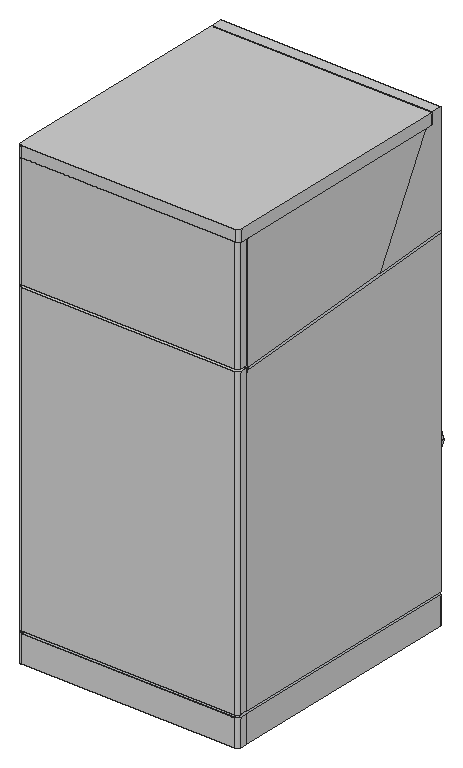
Revit family "Immergas-Ares pro 500", category Attrezzatura meccanica, Revit 2018
Family settings
  Quota connettore circolare = Usa diametro
  Tipo di parte = Normale
  Basato su piano di lavoro = No
  Sempre verticale = Sì
  Taglio con vuoti quando caricato = No
  Condiviso = No
  Punto di calcolo locali = No
Parameters (values of type "Immergas-Ares pro 500")
  yield hvac heating load nominal 30 (%) = 96.6
  yield hvac heating load nominal (%) = 98.21
  cerniere = Immergas - Plastica Nero
  Uniformat code = "D3020"
  Uniformat II Description = "Heat Generating Systems"
  Uniformat = "Heat Generating Systems"
  UDP_88_494_GAS_CONNECTION_DIAMETER = "1.5"
  UDP_334_495_PORTATA_TERMICA = "450"
  Thermal power 80/60°C = 441950 W
  Produttore = "Immergas"
  Product Code = "3.028314"
  Piping volume boiler = 0.34 m³
  Overall Width = 996 mm
  Overall Height = 2130 mm
  Overall Depth = 1273 mm
  Operating Temperature = 90 °C
  Omniclass Description = "HVAC Specific Products and Equipment"
  Nominal Voltage = 230 V
  Nominal Current = 6 A
  Name BIM&CO = "Caldaia"
  Modello = "Immergas-Ares pro 500"
  Masterformat 2014 Description = "Heating, Ventilating, and Air Conditioning (HVAC)"
  MasterFormat = "23 00 00- Heating, Ventilating, and Air Conditioning (HVAC)"
  Mass = 716.00 kg
  Manufacturer Product Link = "https://www.immergas.com/en/product?title=ARES%20PRO%20500"
  Hydraulic Fittings = 2032 mm
  Hot water flow = 0.0 L/s
  Frequency of use = 50 Hz
  Electric Power = 555 W
  ETIM Note = "Residential heating"
  Dimensions of Piping Connectors = 38.1 mm
  Diameter of fume exhaust = 300 mm
  Case = Immergas - Alluminio
Reference planes
  plane 1 "Centro (Fronte/Retro)": y = 0
  plane 2: z = -20.078
  plane 3 "Centro (Sinistra/Destra)": x = 0
Forms (mm)
  Extrusion 1, solid, material "Immergas - Alluminio" <- "Case"
    sketch origin (-14.211, 126.664, -20.078) x (-1, 0, 0) y (0, -1, 0)
      loop
        arc (-497.211, 514.91) -> (-507.817, 510.516) -> (-512.211, 499.91) r 15
        line (-512.211, 499.91) -> (-512.211, 470.647) -> (-507.211, 470.647) -> (-507.211, 466.702) -> (-512.211, 466.702) -> (-512.211, -630.19)
        arc (-512.211, -630.19) -> (-511.188, -632.658) -> (-508.72, -633.681) r 3.491
        line (-508.72, -633.681) -> (-497.211, -633.681) -> (-497.211, -168.631) -> (468.01, -168.631) -> (468.01, -633.681) -> (481.303, -633.681)
        arc (481.303, -633.681) -> (483.772, -632.658) -> (484.794, -630.19) r 3.491
        line (484.794, -630.19) -> (484.794, 466.702) -> (483.021, 466.702) -> (483.021, 470.647) -> (484.797, 470.647) -> (484.797, 499.91)
        arc (484.797, 499.91) -> (480.404, 510.516) -> (469.797, 514.91) r 15
        line (469.797, 514.91) -> (-497.211, 514.91)
    from 17.666 to 139.711
  Extrusion 2, solid
    sketch origin (-14.211, 126.664, -20.078) x (-1, 0, 0) y (0, -1, 0)
      loop
        arc (473.115, 499.91) -> (470.186, 506.981) -> (463.115, 509.91) r 10
        line (463.115, 509.91) -> (-497.681, 509.91)
        arc (-497.681, 509.91) -> (-504.753, 506.981) -> (-507.681, 499.91) r 10
        line (-507.681, 499.91) -> (-507.681, -633.681) -> (-497.681, -633.681) -> (-497.681, 66.664) -> (468.115, 66.664) -> (468.115, -633.681) -> (473.115, -633.681) -> (473.115, 499.91)
    from 122 to 152.633
  Extrusion 3, solid, material "Immergas - Alluminio" <- "Case"
    sketch origin (-14.211, 126.664, -20.078) x (-1, 0, 0) y (0, -1, 0)
      loop
        arc (-497.211, 514.91) -> (-507.817, 510.516) -> (-512.211, 499.91) r 15
        line (-512.211, 499.91) -> (-512.211, 470.647) -> (-507.211, 470.647) -> (-507.211, 466.702) -> (-512.211, 466.702) -> (-512.211, 461.702) -> (484.797, 461.702) -> (484.797, 466.702) -> (483.021, 466.702) -> (483.021, 470.647) -> (484.797, 470.647) -> (484.797, 499.91)
        arc (484.797, 499.91) -> (480.404, 510.516) -> (469.797, 514.91) r 15
        line (469.797, 514.91) -> (-497.211, 514.91)
    from 152.633 to 1544.248
  Extrusion 4, solid, material "Immergas - Alluminio" <- "Case"
    sketch origin (-14.211, 126.664, -20.078) x (-1, 0, 0) y (0, -1, 0)
      loop
        arc (-497.211, 514.91) -> (-507.817, 510.516) -> (-512.211, 499.91) r 15
        line (-512.211, 499.91) -> (-512.211, 470.647) -> (-507.211, 470.647) -> (-507.211, 466.702) -> (-512.211, 466.702) -> (-512.211, 461.702) -> (484.797, 461.702) -> (484.797, 466.702) -> (483.021, 466.702) -> (483.021, 470.647) -> (484.797, 470.647) -> (484.797, 499.91)
        arc (484.797, 499.91) -> (480.404, 510.516) -> (469.797, 514.91) r 15
        line (469.797, 514.91) -> (-497.211, 514.91)
    from 1556.436 to 2071.42
  Extrusion 5, solid, material "Immergas - Alluminio" <- "Case"
    sketch origin (-14.211, 126.664, -20.078) x (-1, 0, 0) y (0, -1, 0)
      loop
        arc (-498.433, 514.91) -> (-509.039, 510.516) -> (-513.433, 499.91) r 15
        line (-513.433, 499.91) -> (-513.433, -578.345)
        arc (-513.433, -578.345) -> (-512.41, -580.814) -> (-509.942, -581.837) r 3.491
        line (-509.942, -581.837) -> (481.306, -581.837)
        arc (481.306, -581.837) -> (483.775, -580.814) -> (484.797, -578.345) r 3.491
        line (484.797, -578.345) -> (484.797, 466.702) -> (484.797, 499.91)
        arc (484.797, 499.91) -> (480.404, 510.516) -> (469.797, 514.91) r 15
        line (469.797, 514.91) -> (-498.433, 514.91)
    from 2073.118 to 2122.118
  Extrusion 6, solid
    sketch origin (-14.211, 126.664, 0) x (-1, 0, 0) y (0, -1, 0)
      loop
        arc (313.789, 499.91) -> (310.86, 506.981) -> (303.789, 509.91) r 10
        line (303.789, 509.91) -> (-332.211, 509.91)
        arc (-332.211, 509.91) -> (-339.282, 506.981) -> (-342.211, 499.91) r 10
        line (-342.211, 499.91) -> (-342.211, -254.597) -> (313.789, -254.597) -> (313.789, 499.91)
    from 2051.342 to 2053.04
  Extrusion 7, solid, material "Immergas - Alluminio" <- "Case"
    sketch origin (0, 0, 0) x (0, 1, 0) y (0, 0, 1)
      loop
        line (-340.038, 1512.207) -> (-340.038, 132.555) -> (760.345, 132.555) -> (760.345, 1589.153) -> (-340.038, 1512.207)
    from -499.008 to 498
  Extrusion 8, solid
    sketch origin (0, 0, 0) x (0, 1, 0) y (0, 0, 1)
      loop
        line (760.345, 1589.153) -> (760.345, 1600.778) -> (-335.038, 1524.181) -> (-335.038, 1512.557) -> (760.345, 1589.153)
    from -479.109 to 498
  Extrusion 9, solid, material "Immergas - Alluminio" <- "Case"
    sketch origin (0, 0, 0) x (0, 1, 0) y (0, 0, 1)
      loop
        line (708.96, 2102.04) -> (417.829, 1576.827) -> (760.345, 1600.778) -> (760.345, 2102.04) -> (708.96, 2102.04)
    from -499.008 to 498
  Extrusion 10, solid, material "Immergas - Alluminio" <- "Case"
    sketch origin (0, 0, 0) x (0, 1, 0) y (0, 0, 1)
      loop
        line (-335.038, 2051.342) -> (-335.038, 1524.181) -> (417.829, 1576.827) -> (680.858, 2051.342) -> (-335.038, 2051.342)
    from -499.008 to 498
  Extrusion 11, void
    sketch origin (0, 760.345, 134.922) x (0, 0, -1) y (1, 0, 0)
      loop
        line (-379.33, 321) -> (-379.33, -317.276) -> (12.922, -317.276) -> (12.922, 321) -> (-379.33, 321)
    from 0 to 334.754
  Sweep 12, solid
    path origin (-83.929, 0, 213.896) x (1, 0, 0) y (0, 0, 1)
      loop
        circle (-265.104, 1733.679) r 50
    profile origin (-349.033, 0, 1897.575) x (0, 0, 1) y (0, -1, 0)
      loop
        circle (0, -768.031) r 1.307
      loop
        circle (5.49, -768.089) r 1.186
      loop
        circle (11.104, -768.089) r 1.186
      loop
        circle (16.717, -768.089) r 1.186
      loop
        circle (22.33, -768.089) r 1.186
      loop
        circle (27.943, -768.089) r 1.186
      loop
        circle (33.557, -768.089) r 1.186
      loop
        circle (-26.758, -768.031) r 1.307
      loop
        circle (-21.267, -768.089) r 1.186
      loop
        circle (-15.654, -768.089) r 1.186
      loop
        circle (-10.041, -768.089) r 1.186
      loop
        circle (-4.427, -768.089) r 1.186
      loop
        circle (-32.368, -768.031) r 1.307
      loop
        circle (-59.126, -768.031) r 1.307
      loop
        circle (-53.635, -768.089) r 1.186
      loop
        circle (-48.022, -768.089) r 1.186
      loop
        circle (-42.409, -768.089) r 1.186
      loop
        circle (-36.796, -768.089) r 1.186
  Extrusion 13, solid
    sketch origin (-76.832, 0, 209.846) x (1, 0, 0) y (0, 0, 1)
      loop
        line (-173.578, 1802.784) -> (-271.402, 1742.954) -> (-360.903, 1813.585) -> (-280.319, 1735.371) -> (-367.602, 1650.639) -> (-271.402, 1728.443) -> (-183.054, 1656.918) -> (-262.486, 1735.371) -> (-173.578, 1802.784)
    from -767.945 to -773.18
  Extrusion 14, solid
    sketch origin (-19.14, 0, 136.839) x (1, 0, 0) y (0, 0, 1)
      loop
        circle (-180.125, 1377.544) r 70
      loop
        circle (-180.125, 1377.544) r 15
      loop
        circle (-178.25, 1425.411) r 5
      loop
        circle (-125.568, 1379.6) r 5
      loop
        circle (-230.361, 1377.882) r 5
      loop
        circle (-179.396, 1329.78) r 5
    from -874.205 to -884.345
  Extrusion 15, solid
    sketch origin (518.671, 0, -713.934) x (1, 0, 0) y (0, 0, 1)
      loop
        circle (-179.571, 1376.687) r 70
      loop
        circle (-179.571, 1376.687) r 15
      loop
        circle (-177.697, 1424.553) r 5
      loop
        circle (-125.014, 1361.472) r 5
      loop
        circle (-229.807, 1377.024) r 5
      loop
        circle (-178.842, 1328.922) r 5
    from -884.345 to -872.228
  Extrusion 16, solid
    sketch origin (0, 0, 72.252) x (1, 0, 0) y (0, 0, 1)
      loop
        line (241, 442) -> (-241, 442)
        arc (-241, 442) -> (-170.413, 271.587) -> (0, 201) r 241
        arc (0, 201) -> (170.413, 271.587) -> (241, 442) r 241
    from -295.295 to -60
  Extrusion 17, solid
    sketch origin (59.439, 153.823, 80.743) x (1, 0, 0) y (0, 0, 1)
      loop
        circle (277.616, 580.172) r 15
      loop
        circle (-258.62, 1433.889) r 15
    from -730.522 to -606.522
  Extrusion 18, solid
    sketch origin (0, 18.026, -17.655) x (1, 0, 0) y (0, -0.052336, 0.99863)
      loop
        circle (1.317, 333.864) r 150
      loop
        circle (1.317, 333.864) r 140
    from -875.918 to -263.972
  Extrusion 19, solid, material "Immergas - Plastica Nero" <- "cerniere"
    sketch origin (0, 0, 3.648) x (0, 1, 0) y (0, 0, 1)
      loop
        line (-351.031, 1401.166) -> (-351.031, 1326.081) -> (-326.031, 1326.081) -> (-326.031, 1401.166) -> (-351.031, 1401.166)
      loop
        line (-350.038, 212.633) -> (-350.038, 152.633) -> (-326.031, 152.633) -> (-326.031, 212.633) -> (-350.038, 212.633)
    from -507 to -499.008
  Extrusion 20, solid
    sketch origin (0, 0, -20.078) x (1, 0, 0) y (0, 1, 0)
      loop
        circle (-424.428, 705.318) r 30
      loop
        circle (432.842, 722.148) r 30
      loop
        circle (-434.661, -295.607) r 30
      loop
        circle (438.403, -298.376) r 30
    from 0 to 176.359
Cuts and joins
  Extrusion 11 cuts Extrusion 7
Dimensions and locks
  locked: Extrusion 2 to Extrusion 1 at 12.922
  locked: Extrusion 6 to Extrusion 4 at 1.697
  Extrusion 5 to Extrusion 1 = 2104.452 mm
  level to nested 1 = 1712 mm
  plane 3 "Centro (Sinistra/Destra)" to nested 1 = 100 mm
  Extrusion 1 to nested 2 = 1741 mm
  nested 2 to plane 3 "Centro (Sinistra/Destra)" = 200 mm
  Extrusion 9 to Extrusion 6 = 1143.591 mm
  cut or joined group of Extrusion 7, Extrusion 11 to Extrusion 15 = 124 mm
  plane 3 "Centro (Sinistra/Destra)" to nested 3 = 200 mm
  Extrusion 1 to nested 3 = 1516.752 mm
  nested 4 to plane 3 "Centro (Sinistra/Destra)" = 336.718 mm
  Extrusion 1 to nested 4 = 663.745 mm
  radius of Extrusion 20 sketch curve = 30 mm
  aligned and locked: level to plane 2
  aligned and locked: Extrusion 3 to Extrusion 2
  aligned and locked: Extrusion 6 to Extrusion 4
  aligned and locked: Extrusion 5 to Extrusion 6
Nested families
  nested 1: "M_Connettore tubazione - Altro - Apparecchi idraulici" at (100, 760.345, 1691.922) x (0, 0, 1) z (0, 1, 0), type "Standard"
    with Spessore 25.4 mm, Raggio nominale 15 mm, Flusso 0.63 L/s, Diametro nominale 30 mm
  nested 2: "M_Connettore tubazione - Altro - Apparecchi idraulici" at (-200, 760.345, 1738.588) x (0, 0, 1) z (0, 1, 0), type "Standard"
    with Spessore 25.4 mm, Raggio nominale 15 mm, Flusso 0.63 L/s, Diametro nominale 30 mm
  nested 3: "M_Connettore tubazione - Altro - Apparecchi idraulici" at (-200, 884.345, 1514.34) x (1, 0, 0) z (0, 1, 0), type "Standard"
    with Spessore 25.4 mm, Raggio nominale 15 mm, Flusso 0.63 L/s, Diametro nominale 30 mm
  nested 4: "M_Connettore tubazione - Altro - Apparecchi idraulici" at (336.718, 884.345, 661.333) x (1, 0, 0) z (0, 1, 0), type "Standard"
    with Spessore 25.4 mm, Raggio nominale 15 mm, Flusso 0.63 L/s, Diametro nominale 30 mm
Connectors
  piping at (-200, 785.745, 1738.588), diameter 12
    settings: on nested 2, index 1, connector inside diameter 609.6 mm, connector length 0 mm, flow factor 0, pipe flow 0.0 L/s, pressure drop 0.0 Pa, fitting loss kfactor 0, connector angle 0.00°, fixture units 0, engagement length 0 mm, angle of deflection 0.00°, flow configuration 0, flow direction 0, fitting loss method 0, system type 22, joint type 0, gender type 0, connector reference index -1, connector utility 0, adjustable connector no, is connector primary yes, connector description "entrata gas"
  piping at (100, 785.745, 1691.922), diameter 12
    settings: on nested 1, index 2, connector inside diameter 609.6 mm, connector length 0 mm, flow factor 0, pipe flow 0.0 L/s, pressure drop 0.0 Pa, fitting loss kfactor 0, connector angle 0.00°, fixture units 0, engagement length 0 mm, angle of deflection 0.00°, flow configuration 0, flow direction 0, fitting loss method 0, system type 22, joint type 0, gender type 0, connector reference index -1, connector utility 0, adjustable connector no, is connector primary no, connector description "attacco vaso di espansione"
  piping at (-200, 909.745, 1514.34), diameter 12
    settings: on nested 3, index 4, connector inside diameter 609.6 mm, connector length 0 mm, flow factor 0, pipe flow 0.0 L/s, pressure drop 0.0 Pa, fitting loss kfactor 0, connector angle 0.00°, fixture units 0, engagement length 0 mm, angle of deflection 0.00°, flow configuration 0, flow direction 0, fitting loss method 0, system type 7, joint type 0, gender type 0, connector reference index -1, connector utility 0, adjustable connector no, is connector primary no, connector description ""
  piping at (336.718, 909.745, 661.333), diameter 12
    settings: on nested 4, index 5, connector inside diameter 609.6 mm, connector length 0 mm, flow factor 0, pipe flow 0.0 L/s, pressure drop 0.0 Pa, fitting loss kfactor 0, connector angle 0.00°, fixture units 0, engagement length 0 mm, angle of deflection 0.00°, flow configuration 0, flow direction 0, fitting loss method 0, system type 8, joint type 0, gender type 0, connector reference index -1, connector utility 0, adjustable connector no, is connector primary no, connector description ""
  piping at (-348.175, 767.945, 1943.104), diameter 10
    settings: on Extrusion 13, index 6, connector inside diameter 609.6 mm, connector length 0 mm, flow factor 0, pipe flow 0.0 L/s, pressure drop 0.0 Pa, fitting loss kfactor 0, connector angle 0.00°, fixture units 0, engagement length 0 mm, angle of deflection 0.00°, flow configuration 0, flow direction 0, fitting loss method 0, system type 22, joint type 0, gender type 0, connector reference index -1, connector utility 0, adjustable connector no, is connector primary no, connector description "entrata aria"
  piping at (1.317, 875.27, 361.594), diameter 10
    settings: on Extrusion 18, index 7, connector inside diameter 609.6 mm, connector length 0 mm, flow factor 0, pipe flow 0.0 L/s, pressure drop 0.0 Pa, fitting loss kfactor 0, connector angle 0.00°, fixture units 0, engagement length 0 mm, angle of deflection 0.00°, flow configuration 0, flow direction 0, fitting loss method 0, system type 22, joint type 0, gender type 0, connector reference index -1, connector utility 0, adjustable connector no, is connector primary no, connector description "uscita fumi"
  electrical at (-0.647, 44.331, -2.412)
    settings: on Extrusion 1, index 8, voltage 0 V, apparent load 0 VA, apparent load phase1 0 VA, apparent load phase2 0 VA, apparent load phase3 0 VA, power factor 1, load classification "Altro", number of poles 1, system type 14, power factor state 1, is connector primary yes, connector utility no, sub classification motor no, connector description ""
Definition of nested family "M_Connettore tubazione - Altro - Apparecchi idraulici"
  Parameters (values of type "Standard")
    WFU = 0
    Raggio nominale [instance] = 15 mm
    Diametro nominale [instance] = Raggio nominale * 2  # 30 mm
    Spessore [instance] = 25.4 mm
    HWFU = 0
    Flusso [instance] = 0.63 L/s
    Default Elevation = 0 mm
    CWFU = 0
  Reference planes
    plane 1 "Centro (Fronte/Retro)": y = 0
    plane 2: z = 0
    plane 3 "Centro (Sinistra/Destra)": x = 0
    plane 4: z = 25.4
  Forms (mm)
    Extrusion 1, solid
      sketch origin (0, 0, 0) x (1, 0, 0) y (0, 1, 0)
        loop
          line (-1219.2, 1219.2) -> (-1219.2, -1219.2) -> (1219.2, -1219.2) -> (1219.2, 1219.2) -> (-1219.2, 1219.2)
      from 0 to -304.8
    Extrusion 2, solid
      sketch origin (0, 0, 0) x (1, 0, 0) y (0, 1, 0)
        loop
          circle (0, 0) r 15
      from 0 to 25.4
  Dimensions and locks
    "Spessore": plane 4 to plane 2
    "Raggio nominale": radius of Extrusion 2 sketch curve
    aligned and locked: plane 2 to Extrusion 1
    aligned and locked: level to Extrusion 1
    aligned and locked: plane 1 "Centro (Fronte/Retro)" to Extrusion 2 sketch curve
    aligned and locked: plane 4 to Extrusion 2
  Automatic sketch dimensions
    Extrusion 1 sketch curve to Extrusion 1 sketch curve = 2438.4 mm  (x2)
    Extrusion 2 sketch curve to plane 3 "Centro (Sinistra/Destra)" = 0 mm
  Connectors
    piping at (0, 0, 25.4), diameter 30, driven by "Raggio nominale", driven by "WFU", driven by "Flusso"
      settings: on Extrusion 2, index 1, connector inside diameter 30 mm, connector length 0 mm, flow factor 0, pipe flow 0.63 L/s, pressure drop 0.0 Pa, fitting loss kfactor 0, connector angle 0.00°, fixture units 0, engagement length 0 mm, angle of deflection 0.00°, flow configuration 1, flow direction 1, fitting loss method 0, system type 22, joint type 0, gender type 0, connector reference index -1, connector utility 0, adjustable connector no, is connector primary yes, connector description ""
